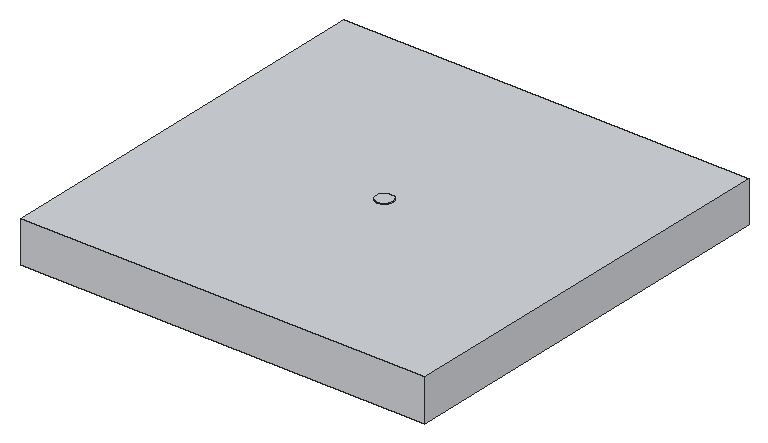
Revit family "M_Round Face Opening Solid", category Generic Models, host Face, Revit 2020
Family settings
  Host = Face
  Can host rebar = No
  Round Connector Dimension = Use Diameter
  Part Type = Normal
  OmniClass Number = 23.30.00.00
  OmniClass Title = Openings, Passages, Protection
  Cut with Voids When Loaded = Yes
  Shared = No
  Room Calculation Point = No
Parameters (values of type "Round Face Opening")
  Struc - Date [instance] = ""
  Struc - Comment [instance] = "-"
  Struc - Approval [instance] = no
  Slope_Help [instance] = if(Face Offset_True = 0 cm, 0.2 cm, 0.1 cm)  # 0.2 cm
  Service Type [instance] = ""
  Opening Shape [instance] = ""
  Opening Mark [instance] = ""
  Opening Level [instance] = ""
  Opening Elevation [instance] = 0 cm
  Opening Absolute Level [instance] = 0 cm
  MEP - Not Required [instance] = no
  MEP - Date [instance] = ""
  MEP - Comment [instance] = "-"
  MEP - Approval [instance] = no
  Face Offset_Positive [instance] = if(Face Offset_True > 0 cm, Face Offset_True, 0 cm)  # 0 cm
  Face Offset_Negative [instance] = if(Face Offset_True < 0 cm, -Face Offset_True, 0 cm)  # 0 cm
  Face Offset_True [instance] = if(Slope = 0.00°, Face Offset, 0 cm)  # 0 cm
  Face Offset [instance] = 0 cm
  Top Length [instance] = if(Face Offset_True = 0 cm, if(or(Slope < -1.00°, Slope > 1.00°), Diameter_True / 2 * if(Angle > 90.00°, -tan(Slope), tan(Slope)), 0 cm), 0 cm)  # 0 cm
  System Type [instance] = ""
  System Name [instance] = ""
  System Classification [instance] = ""
  Subcategory = "Cut Opening"  # constant formula
  Slope_T [instance] = if(and(not(Slope < 0.00°), Slope < 85.00°), Slope, 0.00°)  # 0.00°
  Slope [instance] = 0.00°
  Radius True [instance] = Diameter_True / 2  # 5 cm
  Radius [instance] = Diameter / 2  # 5 cm
  Opening Area [instance] = pi() * (Diameter / 2) ^ 2  # 0.00785398 m²
  Insertion Date [instance] = ""
  Insertion Configuration [instance] = ""
  Inserted By [instance] = ""
  Host [instance] = ""
  Filled Region = no
  Lines [instance] = not(Filled Region)  # yes
  Diameter [instance] = if(D > 0.4 cm, D + 2 * Cut Offset, 0.4 cm)  # 10 cm
  Detail - Yes / No [instance] = no
  Depth [instance] = 25 cm
  Dashed Outline = no
  D(") [instance] = (D) / (2.634)  # 3.7965 cm
  D Total [instance] = Diameter  # 10 cm
  D [instance] = 10 cm
  Depth_True [instance] = if(Depth + Face Offset_True > 0.2 cm, Depth + Face Offset_True, 0.2 cm)  # 25 cm
  Cut Offset Report [instance] = Cut Offset  # 0 cm
  Cut Offset [instance] = 0 cm
  Bottom Length [instance] = if(Face Offset_True = 0 cm, Depth_True / sin(if(or(Angle = 0.00°, Angle = 180.00°, Angle = 360.00°), 90.00°, Angle)) + if(or(Slope < -1.00°, Slope > 1.00°), Diameter_True / 2 * if(Angle > 90.00°, -tan(Slope), tan(Slope)), 0 cm), Depth_True)  # 25 cm
  Diameter_True [instance] = Diameter / sin(Angle)  # 10 cm
  Extrusion End [instance] = if(Depth > 0.2 cm, -Depth_True, -0.2 cm)  # -25 cm
  Default Elevation = 0 cm
  Assembly Code = ""
  Arc - Date [instance] = ""
  Arc - Comment [instance] = "-"
  Arc - Approval [instance] = no
  Angle [instance] = 90.00° - Slope  # 90.00°
  #Phase Created [instance] = ""
  #Level [instance] = ""
  #Family Name = "Basic Wall"
  #Elevation at Bottom [instance] = 0 cm
  ##Reference Level [instance] = ""
  ##Middle Elevation [instance] = 0 cm
  ##Design Option [instance] = ""
Reference planes (cm)
  plane 1 "Center (Front/Back)": y = 0
  plane 2: z = 0
  plane 3 "Center (Left/Right)": x = 0
  plane 4: x = -5
  plane 5: x = 5
  plane 6: y = -5
  plane 7: y = 5
  plane 8 "Face Offset_Positive": z = 0
  plane 9 "Face Offset_Negative": z = 0
Forms (cm)
  Extrusion 1, solid
    sketch origin (0, 0, 0) x (1, 0, 0) y (0, 1, 0)
      loop
        line (-121.92, 121.92) -> (-121.92, -121.92) -> (121.92, -121.92) -> (121.92, 121.92) -> (-121.92, 121.92)
    from 0 to -25 <- "Extrusion End"
  Sweep 2, solid
    path in 3D
      loop
        line (0, 0, 0) -> (0, 0, -0.2) -> (0, 0, -25)
    profile origin (0, 0, -12.6) x (1, 0, 0) y (0, 1, 0)
      loop
        circle (0, 0) r 5
Lines and regions (cm)
  reference lines
    curve 1: line (0, 0, -0.2) -> (0, 0, 0)
    curve 2: line (0, 0, -0.2) -> (0, 0, -25)
  sketch lines
    curve 3: line (0, 0, -0.2) -> (0, 0, -25)
    curve 4: line (0, 0, -0.2) -> (0, 0, 0)
  symbolic lines
    curve 5: line (-3.5355, -3.5355, 0) -> (3.5355, 3.5355, 0)
    curve 6: line (-3.5355, 3.5355, 0) -> (3.5355, -3.5355, 0)
  symbolic lines, visible <- "Dashed Outline"
    curve 7: circle (0, 0, 0) r 5 normal (0, 0, 1)
Dimensions and locks (cm)
  equal spacing: plane 4, plane 3 "Center (Left/Right)", plane 5
  "Diameter": plane 4 to plane 5
  equal spacing: plane 7, plane 1 "Center (Front/Back)", plane 6
  "Diameter_True": plane 7 to plane 6
  "Bottom Length": plane 9 "Face Offset_Negative" to curve 2
  "Top Length": plane 9 "Face Offset_Negative" to curve 1
  locked: curve 5 to curve 2
  locked: curve 6 to curve 2
  "Face Offset_Positive": plane 8 "Face Offset_Positive" to plane 2
  "Face Offset_Negative": plane 8 "Face Offset_Positive" to plane 9 "Face Offset_Negative"
  "Slope_Help": plane 9 "Face Offset_Negative" to curve 1
  "Radius": radius of Sweep 2 sketch curve
  "Radius": radius of curve 7
  "Angle": angle curve 2 to level
  "Angle": angle curve 1 to level
  angle plane 1 "Center (Front/Back)" to curve 5 = 45.00°
  angle curve 6 to plane 1 "Center (Front/Back)" = 45.00°
  aligned and locked: plane 2 to Extrusion 1
  aligned and locked: level to Extrusion 1
  aligned and locked: plane 1 "Center (Front/Back)" to curve 2
  aligned and locked: plane 3 "Center (Left/Right)" to Sweep 2 sketch curve
  aligned and locked: plane 6 to nested 1
  aligned and locked: nested 2 to plane 4
  aligned and locked: plane 6 to nested 3
  aligned and locked: plane 6 to nested 4
  aligned and locked: nested 5 to plane 4
  aligned and locked: nested 6 to plane 4
  aligned and locked: nested 4 to plane 9 "Face Offset_Negative"
  aligned and locked: nested 3 to plane 9 "Face Offset_Negative"
  aligned and locked: nested 1 to plane 9 "Face Offset_Negative"
  aligned and locked: nested 5 to plane 9 "Face Offset_Negative"
  aligned and locked: nested 2 to plane 9 "Face Offset_Negative"
  aligned and locked: nested 6 to plane 9 "Face Offset_Negative"
  aligned and locked: plane 3 "Center (Left/Right)" to curve 7
  aligned and locked: plane 1 "Center (Front/Back)" to curve 7
Automatic sketch dimensions
  Extrusion 1 sketch curve to Extrusion 1 sketch curve = 243.84 cm  (x2)
  profile plane to Sweep 2 sketch curve = 0 cm
Nested families (cm)
  nested 1: "Opening Lines - Front/Side" at (0, -5, 0) x (0, 1, 0) z (1, 0, 0), Width_or_Height <- "Diameter_True", Depth <- "Depth_True", Angle <- "Angle", visible <- "Lines", type "Standard"
    with Width_or_Height_True 10 cm, Width_or_Height 10 cm, Test Angle q 36.00°, Test Angle p 225.00°, Side Length 25 cm, Region Visible yes, built-in parameter 1001306 0.32808 (stored number, unit not read), Diagonal q 26.9258 cm, Diagonal p 26.9258 cm, Depth_True 25 cm, Depth 25 cm, Coeff2 2.5, Coeff1 0.4, Angle_True 90.00°, Angle 90.00°
  nested 2: "Opening Region - Front/Side" at (-5, 0, 0) x (1, 0, 0) z (0, -1, 0), Width_or_Height <- "Diameter", Depth <- "Depth_True", visible <- "Filled Region", type "Standard"
    with Width_or_Height_True 10 cm, Width_or_Height 10 cm, Test Angle q 36.00°, Test Angle p 225.00°, Side Length 25 cm, Region Visible yes, built-in parameter 1001306 0.32808 (stored number, unit not read), Diagonal q 26.9258 cm, Diagonal p 26.9258 cm, Depth_True 25 cm, Depth 25 cm, Coeff2 2.5, Coeff1 0.4, Angle_True 90.00°, Angle 90.00°
  nested 3: "Opening Region - Front/Side" at (0, -5, 0) x (0, 1, 0) z (1, 0, 0), Angle <- "Angle", visible <- "Filled Region", Depth <- "Depth_True", Width_or_Height <- "Diameter_True", type "Standard"
    with Width_or_Height_True 10 cm, Width_or_Height 10 cm, Test Angle q 36.00°, Test Angle p 225.00°, Side Length 25 cm, Region Visible yes, built-in parameter 1001306 0.32808 (stored number, unit not read), Diagonal q 26.9258 cm, Diagonal p 26.9258 cm, Depth_True 25 cm, Depth 25 cm, Coeff2 2.5, Coeff1 0.4, Angle_True 90.00°, Angle 90.00°
  nested 4: "Opening Outlines - Front/Side" at (0, -5, 0) x (0, 1, 0) z (1, 0, 0), Width_or_Height <- "Diameter_True", Depth <- "Depth_True", Angle <- "Angle", visible <- "Dashed Outline", type "Standard"
    with Width_or_Height_True 10 cm, Width_or_Height 10 cm, Test Angle q 36.00°, Test Angle p 225.00°, Side Length 25 cm, Region Visible yes, built-in parameter 1001306 0.32808 (stored number, unit not read), Diagonal q 26.9258 cm, Diagonal p 26.9258 cm, Depth_True 25 cm, Depth 25 cm, Coeff2 2.5, Coeff1 0.4, Angle_True 90.00°, Angle 90.00°
  nested 5: "Opening Lines - Front/Side" at (-5, 0, 0) x (1, 0, 0) z (0, -1, 0), Width_or_Height <- "Diameter", Depth <- "Depth_True", visible <- "Lines", type "Standard"
    with Width_or_Height_True 10 cm, Width_or_Height 10 cm, Test Angle q 36.00°, Test Angle p 225.00°, Side Length 25 cm, Region Visible yes, built-in parameter 1001306 0.32808 (stored number, unit not read), Diagonal q 26.9258 cm, Diagonal p 26.9258 cm, Depth_True 25 cm, Depth 25 cm, Coeff2 2.5, Coeff1 0.4, Angle_True 90.00°, Angle 90.00°
  nested 6: "Opening Outlines - Front/Side" at (-5, 0, 0) x (1, 0, 0) z (0, -1, 0), Width_or_Height <- "Diameter", Depth <- "Depth_True", visible <- "Dashed Outline", type "Standard"
    with Width_or_Height_True 10 cm, Width_or_Height 10 cm, Test Angle q 36.00°, Test Angle p 225.00°, Side Length 25 cm, Region Visible yes, built-in parameter 1001306 0.32808 (stored number, unit not read), Diagonal q 26.9258 cm, Diagonal p 26.9258 cm, Depth_True 25 cm, Depth 25 cm, Coeff2 2.5, Coeff1 0.4, Angle_True 90.00°, Angle 90.00°
Definition of nested family "Opening Lines - Front/Side"
  Parameters
    Width_or_Height_True [instance] = if(Width_or_Height < 0.2 cm, 0.2 cm, if(or(0.5 * Diagonal q < 0.1 cm, 0.5 * Diagonal q < 0.1 cm), 0.2 cm, Width_or_Height))  # 2 cm
    Width_or_Height [instance] = 2 cm
    Test Angle q [instance] = Coeff1 * Angle  # 60.00°
    Test Angle p [instance] = Coeff2 * Angle  # 60.00°
    Side Length [instance] = Depth / sin(Angle)  # 2.3094 cm
    Region Visible [instance] = if(Angle < 20.00°, 1 = 0, if(or(Test Angle q < 3.00°, Test Angle p < 3.00°), 1 = 0, if(or(Width_or_Height < 0.2 cm, Depth < 0.2 cm), 1 = 0, if(or(0.5 * Diagonal q < 0.1 cm, 0.5 * Diagonal q < 0.1 cm), 1 = 0, 1 = 1))))  # yes
    built-in parameter 1001306 [instance] = Width_or_Height_True  # 0.065617 (stored number, unit not read)
    Diagonal q [instance] = if(Angle < 90.00°, sqrt(Side Length ^ 2 + Width_or_Height ^ 2 + 2 * Width_or_Height * Side Length * cos(Angle)), sqrt(Side Length ^ 2 + Width_or_Height ^ 2 - 2 * Width_or_Height * Side Length * cos(Angle)))  # 3.7353 cm
    Diagonal p [instance] = if(Angle < 90.00°, sqrt(Side Length ^ 2 + Width_or_Height ^ 2 - 2 * Width_or_Height * Side Length * cos(Angle)), sqrt(Side Length ^ 2 + Width_or_Height ^ 2 + 2 * Width_or_Height * Side Length * cos(Angle)))  # 2.1713 cm
    Depth_True [instance] = if(or(Test Angle q < 2.00°, Test Angle p < 2.00°), Width_or_Height, if(Depth < 0.2 cm, 0.2 cm, if(or(0.5 * Diagonal q < 0.1 cm, 0.5 * Diagonal q < 0.1 cm), Width_or_Height_True, Depth)))  # 2 cm
    Depth [instance] = 2 cm
    Coeff2 [instance] = Depth / Width_or_Height  # 1
    Coeff1 [instance] = Width_or_Height / Depth  # 1
    Angle_True [instance] = if(Angle < 20.00°, 90.00°, if(or(Test Angle q < 3.00°, Test Angle p < 3.00°), 90.00°, if(or(0.5 * Diagonal q < 0.1 cm, 0.5 * Diagonal q < 0.1 cm), 90.00°, Angle)))  # 60.00°
    Angle [instance] = 60.00°
  Reference planes (cm)
    plane 1 "Center (Front/Back)": y = 0
    plane 2: z = 0
    plane 3 "Left": x = 0
    plane 4 "Right": x = 2
    plane 5: y = -2
  Lines and regions (cm)
    reference lines, in view "Ref. Level"
      curve 1: line (0, 0, 0) -> (2, 0, 0)
      curve 2: line (2, 0, 0) -> (0.8453, -2, 0)
      curve 3: line (0, 0, 0) -> (-1.1547, -2, 0)
      curve 4: line (0, 0, 0) -> (0.8453, -2, 0)
      curve 5: line (-1.1547, -2, 0) -> (2, 0, 0)
    detail lines, in view "Ref. Level"
      curve 6: line (2, 0, 0) -> (-1.1547, -2, 0)
      curve 7: line (0, 0, 0) -> (0.8453, -2, 0)
  Dimensions and locks (cm)
    plane 3 "Left" to plane 4 "Right" = 2 cm
    "Depth_True": plane 1 "Center (Front/Back)" to plane 5
    "Width_or_Height_True": plane 3 "Left" to plane 4 "Right"
    "Angle_True": angle plane 5 to curve 2
    "Angle_True": angle plane 5 to curve 3
    aligned and locked: plane 4 "Right" to curve 1
    aligned and locked: plane 3 "Left" to curve 1
    aligned and locked: plane 5 to curve 2
    aligned and locked: plane 1 "Center (Front/Back)" to curve 1
    aligned and locked: curve 5 to curve 6
    aligned and locked: curve 7 to curve 4  (x2)
    aligned and locked: curve 6 to curve 5
  Automatic sketch dimensions
    curve 5 to plane 5 = 0 cm
    curve 6 to plane 5 = 0 cm
    plane 1 "Center (Front/Back)" to curve 7 = 0 cm
    curve 7 to plane 5 = 0 cm
    plane 1 "Center (Front/Back)" to curve 6 = 0 cm
Definition of nested family "Opening Region - Front/Side"
  Parameters
    Width_or_Height_True [instance] = if(Width_or_Height < 0.2 cm, 0.2 cm, if(or(0.5 * Diagonal q < 0.1 cm, 0.5 * Diagonal q < 0.1 cm), 0.2 cm, Width_or_Height))  # 10 cm
    Width_or_Height [instance] = 10 cm
    Test Angle q [instance] = Coeff1 * Angle  # 40.00°
    Test Angle p [instance] = Coeff2 * Angle  # 160.00°
    Side Length [instance] = Depth / sin(Angle)  # 20.3085 cm
    Region Visible [instance] = if(Angle < 20.00°, 1 = 0, if(or(Test Angle q < 3.00°, Test Angle p < 3.00°), 1 = 0, if(or(Width_or_Height < 0.2 cm, Depth < 0.2 cm), 1 = 0, if(or(0.5 * Diagonal q < 0.1 cm, 0.5 * Diagonal q < 0.1 cm), 1 = 0, 1 = 1))))  # yes
    built-in parameter 1001306 [instance] = Width_or_Height_True  # 0.32808 (stored number, unit not read)
    Diagonal q [instance] = if(Angle < 90.00°, sqrt(Side Length ^ 2 + Width_or_Height ^ 2 + 2 * Width_or_Height * Side Length * cos(Angle)), sqrt(Side Length ^ 2 + Width_or_Height ^ 2 - 2 * Width_or_Height * Side Length * cos(Angle)))  # 24.1447 cm
    Diagonal p [instance] = if(Angle < 90.00°, sqrt(Side Length ^ 2 + Width_or_Height ^ 2 - 2 * Width_or_Height * Side Length * cos(Angle)), sqrt(Side Length ^ 2 + Width_or_Height ^ 2 + 2 * Width_or_Height * Side Length * cos(Angle)))  # 21.0216 cm
    Depth_True [instance] = if(or(Test Angle q < 2.00°, Test Angle p < 2.00°), Width_or_Height, if(Depth < 0.2 cm, 0.2 cm, if(or(0.5 * Diagonal q < 0.1 cm, 0.5 * Diagonal q < 0.1 cm), Width_or_Height_True, Depth)))  # 20 cm
    Depth [instance] = 20 cm
    Coeff2 [instance] = Depth / Width_or_Height  # 2
    Coeff1 [instance] = Width_or_Height / Depth  # 0.5
    Angle_True [instance] = if(Angle < 20.00°, 90.00°, if(or(Test Angle q < 3.00°, Test Angle p < 3.00°), 90.00°, if(or(0.5 * Diagonal q < 0.1 cm, 0.5 * Diagonal q < 0.1 cm), 90.00°, Angle)))  # 80.00°
    Angle [instance] = 80.00°
  Reference planes (cm)
    plane 1 "Center (Front/Back)": y = 0
    plane 2: z = 0
    plane 3 "Left": x = 0
    plane 4 "Right": x = 10
    plane 5: y = -20
  Lines and regions (cm)
    Filled region 1, type "Solid Fill - Black", in view "Ref. Level", visible <- "Region Visible"
      outline origin (0, 0, 0) x (1, 0, 0) y (0, 1, 0)
        loop
          line (10, 0) -> (3.2367, -10) -> (6.4735, -20) -> (10, 0)
    Filled region 2, type "Solid Fill - Black", in view "Ref. Level", visible <- "Region Visible"
      outline origin (0, 0, 0) x (1, 0, 0) y (0, 1, 0)
        loop
          line (0, 0) -> (-3.5265, -20) -> (3.2367, -10) -> (0, 0)
    reference lines, in view "Ref. Level"
      curve 1: line (0, 0, 0) -> (10, 0, 0)
      curve 2: line (10, 0, 0) -> (6.4735, -20, 0)
      curve 3: line (0, 0, 0) -> (-3.5265, -20, 0)
      curve 4: line (0, 0, 0) -> (6.4735, -20, 0)
      curve 5: line (-3.5265, -20, 0) -> (10, 0, 0)
  Dimensions and locks (cm)
    plane 3 "Left" to plane 4 "Right" = 10 cm
    "Depth_True": plane 1 "Center (Front/Back)" to plane 5
    "Width_or_Height_True": plane 3 "Left" to plane 4 "Right"
    "Angle_True": angle plane 5 to curve 2
    "Angle_True": angle plane 5 to curve 3
    aligned and locked: plane 4 "Right" to curve 1
    aligned and locked: plane 3 "Left" to curve 1
    aligned and locked: plane 5 to curve 2
    aligned and locked: plane 1 "Center (Front/Back)" to curve 1
    aligned and locked: Filled region 2 sketch curve to curve 3
    aligned and locked: Filled region 2 sketch curve to curve 5
    aligned and locked: Filled region 2 sketch curve to curve 4
    aligned and locked: Filled region 1 sketch curve to curve 5
    aligned and locked: Filled region 1 sketch curve to curve 4
    aligned and locked: Filled region 1 sketch curve to curve 2
  Automatic sketch dimensions
    curve 5 to plane 5 = 0 cm
Definition of nested family "Opening Outlines - Front/Side"
  Parameters (values of type "Standard")
    Width_or_Height_True [instance] = if(Width_or_Height < 0.2 cm, 0.2 cm, if(or(0.5 * Diagonal q < 0.1 cm, 0.5 * Diagonal q < 0.1 cm), 0.2 cm, Width_or_Height))  # 2 cm
    Width_or_Height [instance] = 2 cm
    Test Angle q [instance] = Coeff1 * Angle  # 60.00°
    Test Angle p [instance] = Coeff2 * Angle  # 60.00°
    Side Length [instance] = Depth / sin(Angle)  # 2.3094 cm
    Region Visible [instance] = if(Angle < 20.00°, 1 = 0, if(or(Test Angle q < 3.00°, Test Angle p < 3.00°), 1 = 0, if(or(Width_or_Height < 0.2 cm, Depth < 0.2 cm), 1 = 0, if(or(0.5 * Diagonal q < 0.1 cm, 0.5 * Diagonal q < 0.1 cm), 1 = 0, 1 = 1))))  # yes
    built-in parameter 1001306 [instance] = Width_or_Height_True  # 0.065617 (stored number, unit not read)
    Diagonal q [instance] = if(Angle < 90.00°, sqrt(Side Length ^ 2 + Width_or_Height ^ 2 + 2 * Width_or_Height * Side Length * cos(Angle)), sqrt(Side Length ^ 2 + Width_or_Height ^ 2 - 2 * Width_or_Height * Side Length * cos(Angle)))  # 3.7353 cm
    Diagonal p [instance] = if(Angle < 90.00°, sqrt(Side Length ^ 2 + Width_or_Height ^ 2 - 2 * Width_or_Height * Side Length * cos(Angle)), sqrt(Side Length ^ 2 + Width_or_Height ^ 2 + 2 * Width_or_Height * Side Length * cos(Angle)))  # 2.1713 cm
    Depth_True [instance] = if(or(Test Angle q < 2.00°, Test Angle p < 2.00°), Width_or_Height, if(Depth < 0.2 cm, 0.2 cm, if(or(0.5 * Diagonal q < 0.1 cm, 0.5 * Diagonal q < 0.1 cm), Width_or_Height_True, Depth)))  # 2 cm
    Depth [instance] = 2 cm
    Coeff2 [instance] = Depth / Width_or_Height  # 1
    Coeff1 [instance] = Width_or_Height / Depth  # 1
    Angle_True [instance] = if(Angle < 20.00°, 90.00°, if(or(Test Angle q < 3.00°, Test Angle p < 3.00°), 90.00°, if(or(0.5 * Diagonal q < 0.1 cm, 0.5 * Diagonal q < 0.1 cm), 90.00°, Angle)))  # 60.00°
    Angle [instance] = 60.00°
  Reference planes (cm)
    plane 1 "Center (Front/Back)": y = 0
    plane 2: z = 0
    plane 3 "Left": x = 0
    plane 4 "Right": x = 2
    plane 5: y = -2
  Lines and regions (cm)
    reference lines, in view "Ref. Level"
      curve 1: line (0, 0, 0) -> (2, 0, 0)
      curve 2: line (2, 0, 0) -> (0.8453, -2, 0)
      curve 3: line (0, 0, 0) -> (-1.1547, -2, 0)
    detail lines, in view "Ref. Level"
      curve 4: line (-1.1547, -2, 0) -> (0, 0, 0)
      curve 5: line (0, 0, 0) -> (2, 0, 0)
      curve 6: line (2, 0, 0) -> (0.8453, -2, 0)
      curve 7: line (0.8453, -2, 0) -> (-1.1547, -2, 0)
  Dimensions and locks (cm)
    plane 3 "Left" to plane 4 "Right" = 2 cm
    "Depth_True": plane 1 "Center (Front/Back)" to plane 5
    "Width_or_Height_True": plane 3 "Left" to plane 4 "Right"
    "Angle_True": angle plane 5 to curve 2
    "Angle_True": angle plane 5 to curve 3
    aligned and locked: plane 4 "Right" to curve 1
    aligned and locked: plane 3 "Left" to curve 1
    aligned and locked: plane 5 to curve 2
    aligned and locked: plane 1 "Center (Front/Back)" to curve 1
    aligned and locked: curve 2 to curve 6
    aligned and locked: plane 1 "Center (Front/Back)" to curve 5
    aligned and locked: plane 5 to curve 7
    aligned and locked: curve 4 to curve 3
